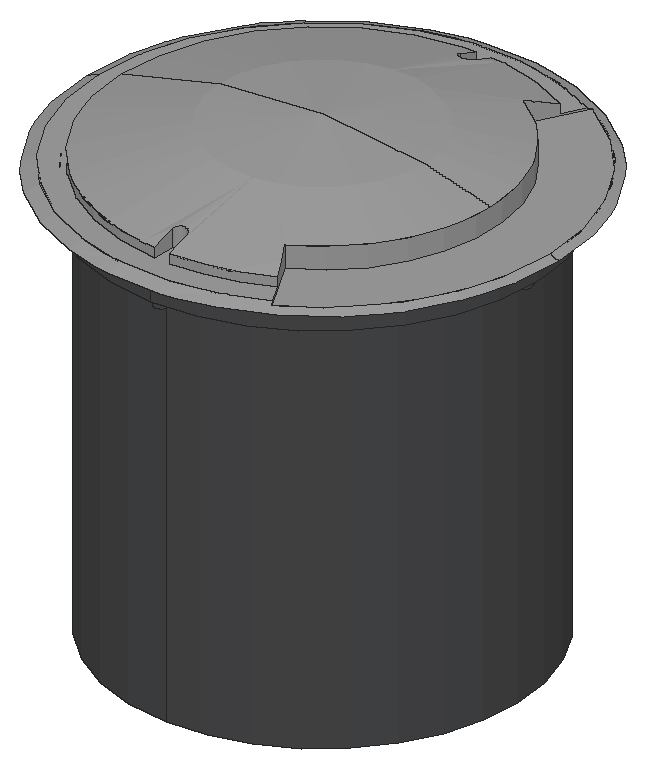
Revit family "ROLL OVER LIGHT 01_CM1W.2", category Luminarias, Revit 2019
Family settings
  Cota de conector redondo = Diámetro de uso
  Tipo de pieza = Normal
  Se basa en plano de trabajo = Sí
  Siempre vertical = No
  Corte con vacíos al cargar = No
  Origen de luz = Sí
  Compartido = No
  Punto de cálculo de habitación = No
Parameters (values of type "ROLL OVER LIGHT 01_CM1W.2")
  Ángulo de inclinación = 30.00°
  Zone [instance] = ""
  Watt per fixture = 3.9
  Wattage = 3.9 W
  built-in parameter 1150107 = 3000 (stored number, unit not read)
  built-in parameter 1150110 = 1 (stored number, unit not read)
  built-in parameter 1150109 = 1 (stored number, unit not read)
  built-in parameter 1150112 = 1 (stored number, unit not read)
  built-in parameter 1150113 = 1 (stored number, unit not read)
  built-in parameter 1114218 = 1 (stored number, unit not read)
  Keynote = ""
  built-in parameter 1150142 = "IESNA:LM-63-1995\r\n[TEST] ROLL OVER LIGHT 01\r\n[DATE] 2016/7/5\r\n[MANUFAC] BRILLANTE ILUMINACION\r\n[LUMCAT] ROLL OVER LIGHT 01 3000°K\r\n[LUMINAIRE] CM1W.2\r\n[LAMPCAT] ROLL OVER LIGHT 01\r\n[LAMP] ROLL OVER LIGHT 01 3000°K\r\nTILT=NONE\r\n0 -1 1.0 19 9 1 2 0.000 0.000 0.000\r\n1 1 0.8\r\n0.0 5.0 10.0 15.0 20.0 25.0 30.0 35.0 40.0 45.0 50.0 55.0 60.0 65.0 70.0 75.0 80.0 85.0 90.0\r\n0.0 45.0 90.0 135.0 180.0 225.0 270.0 315.0 360.0 \r\n0.410 0.410 0.410 0.512 0.512 0.512 0.614 0.717 1.331 2.048 3.380 8.091 7.579 9.934 20.073 25.092 24.784 24.887 24.989\r\n0.410 0.410 0.410 0.512 0.512 0.512 0.512 0.614 0.819 1.331 1.843 3.585 3.892 4.813 13.826 18.230 20.688 20.893 21.200\r\n0.410 0.410 0.410 0.307 0.307 0.307 0.307 0.205 0.205 0.205 0.307 0.410 0.614 0.717 0.717 1.331 1.127 0.614 0.512\r\n0.410 0.307 0.307 0.205 0.205 0.205 0.205 0.102 0.102 0.102 0.102 0.102 0.000 0.000 0.000 0.102 0.102 0.102 0.102\r\n0.410 0.307 0.205 0.205 0.205 0.205 0.102 0.102 0.102 0.102 0.102 0.102 0.000 0.000 0.102 0.102 0.102 0.102 0.102\r\n0.410 0.307 0.205 0.205 0.102 0.102 0.102 0.102 0.102 0.102 0.000 0.000 0.102 0.000 0.102 0.102 0.102 0.102 0.102\r\n0.410 0.307 0.307 0.307 0.205 0.205 0.205 0.205 0.205 0.307 0.307 0.410 0.512 0.512 0.614 0.410 0.410 0.307 0.102\r\n0.410 0.410 0.410 0.410 0.410 0.410 0.512 0.717 1.127 1.434 3.072 4.097 5.121 9.012 15.567 18.537 17.820 17.103 15.465\r\n0.410 0.410 0.410 0.512 0.512 0.512 0.614 0.717 1.331 2.048 3.380 8.091 7.579 9.934 20.073 25.092 24.784 24.887 24.989\r\n"
  built-in parameter 1150137 = (empty or 0)
  built-in parameter 1150132 = (empty or 0)
  Modelo = "CM1W.2"
  Lámpara = "SMD 3030"
  Longitud [instance] = 1000 mm
  built-in parameter 1150105 = 11.936 (stored number, unit not read)
  built-in parameter 1150102 = (empty or 0)
  built-in parameter 1150106 = 0.11936 (stored number, unit not read)
  Lumens = 149.994 lm
  Color Filter = 16777215
  built-in parameter 1114217 = 1 (stored number, unit not read)
  built-in parameter 1150139 = (empty or 0)
  Fabricante = "BRILLANT"
  Default Elevation = 0 mm
  built-in parameter 1150104 = 3.5731 (stored number, unit not read)
  Descripción = "LUMINARIA DE CORTESIA CIRCULAR EMPOTRABLE EN PISO, PRINCIPALMENTE EN ESTACIONAMIENTOS, CON UN PESO DE 2KG, CUERPO DE ALUMINIO FUNDIDO A PRESION CUBIERTO CON POLVO GRIS, USO PARA INTERIORES O EXTERIORES IP67, ALTA RESISTENCIA AL IMPACTO IK10, 6 LEDS DE 0.5W TIPO SMD3030 CON UNA POTENCIA TOTAL DE 3.9W, 150 LUMENES, EFICIENCIA DE 38.46LM/W, TEMPERATURA DE BLANCO CALIDO 3000K, CORRIENTE DE OPERACIÓN EN 57mA, DIMMEABLE OPCIONAL, HOUSING DE PVC 157mm EN DIAMENTRO y 150mm DE PROFUNDIDAD, CABLE DE 0.5M H05RN-F, ALIMENTADA A 100-240V."
  built-in parameter 1150115 = 1 (stored number, unit not read)
  built-in parameter 1150114 = 1 (stored number, unit not read)
  Comentarios de vataje = "100-240V"
  built-in parameter 1150138 = (empty or 0)
  built-in parameter 1150134 = (empty or 0)
  Circuit [instance] = ""
  Dimming Lamp Color Temperature Shift = (empty or 0)
  Archivo de red fotométrica = "ROLL OVER LIGHT 01_CM1W.2.IES"
  built-in parameter 1150133 = 10 (stored number, unit not read)
Reference planes
  plane 1 "Centro (Frontal/Posterior)": y = 0
  plane 2: z = 0
  plane 3 "Centro (Izquierda/Derecha)": x = 0
  plane 4: z = -102.5
  plane 5: z = -102.5
Forms (mm)
  Revolve 1, solid, material "Aluminio"
    sketch origin (0, 0, 0) x (1, 0, 0) y (0, 0, 1)
      loop
        arc (0, 17.873) -> (-37.244, 14.672) -> (-73.396, 5.162) r 218.255
        line (-73.396, 5.162) -> (-73.396, 1.97) -> (-81.784, 1.97)
        arc (-81.784, 1.97) -> (-84.148, 0.999) -> (-86.5, 0) r 218.255
        line (-86.5, 0) -> (-58.75, 0) -> (-58.75, -87.69)
        arc (-58.75, -87.69) -> (-56.806, -89.634) -> (-58.75, -91.578) r 1.944
        line (-58.75, -91.578) -> (-58.75, -102.5) -> (0, -102.5) -> (0, 17.873)
      axis (0, 17.873) -> (0, -102.5)
    angle from 0 to 360
  Extrusion 2, solid, material "Aluminio"
    sketch origin (0, 0, 0) x (-1, 0, 0) y (0, 0, -1)
      loop
        line (62.318, 0) -> (58.75, 87.69) -> (58.75, 0) -> (62.318, 0)
      loop
        line (-62.318, 0) -> (-58.75, 0) -> (-58.75, 87.69) -> (-62.318, 0)
    from -1.968 to 1.93
  Extrusion 3, void
    sketch origin (0, 0, 0) x (1, 0, 0) y (0, 1, 0)
      loop
        line (41.436, 76.01) -> (29.468, 54.061)
        arc (29.468, 54.061) -> (61.495, 0.037) -> (29.463, -53.983) r 61.573
        line (29.463, -53.983) -> (41.436, -75.93)
        arc (41.436, -75.93) -> (86.495, 0.04) -> (41.436, 76.01) r 86.573
    from 1.314 to 15
  Extrusion 4, void
    sketch origin (0, 0, 0) x (1, 0, 0) y (0, 1, 0)
      loop
        arc (-2.757, 65.877) -> (0, 63.12) -> (2.757, 65.877) r 2.757
        line (2.757, 65.877) -> (2.757, 73.647) -> (-2.757, 73.647) -> (-2.757, 65.877)
      loop
        line (-2.757, -65.839) -> (-2.757, -73.609) -> (2.757, -73.609) -> (2.757, -65.839)
        arc (2.757, -65.839) -> (0, -63.082) -> (-2.757, -65.839) r 2.757
    from 1.97 to 15
  Extrusion 5, solid
    sketch origin (0, 0, 0) x (1, 0, 0) y (0, 1, 0)
      loop
        circle (0, -49.028) r 8
    from -106.407 to -102.5
  Extrusion 6, solid
    sketch origin (0, 0, 0) x (1, 0, 0) y (0, 1, 0)
      loop
        line (0, -42.286) -> (-5.838, -45.657) -> (-5.838, -52.399) -> (0, -55.769) -> (5.838, -52.399) -> (5.838, -45.657) -> (0, -42.286)
    from -110.637 to -106.407
  Extrusion 7, solid
    sketch origin (0, 0, 0) x (1, 0, 0) y (0, 1, 0)
      loop
        circle (0, -49.028) r 4.039
    from -123.239 to -110.637
  Revolve 8, solid, material "Plastico"
    sketch origin (0, 0, 32.574) x (0, 0, 1) y (0, -1, 0)
      loop
        line (-32.574, 75.5) -> (-32.574, 78.5) -> (-41.733, 78.5) -> (-41.733, 71.518) -> (-182.574, 71.518) -> (-182.574, 0) -> (-179.574, 0) -> (-179.574, 68.518) -> (-38.733, 68.518) -> (-38.733, 75.5) -> (-32.574, 75.5)
      axis (-182.574, 0) -> (-32.574, 0)
    angle from 0 to 360
  Extrusion 9, solid, material "Aluminio"
    sketch origin (-0.011, 0, 0) x (-0.866025, 0.5, 0) y (0, 0, -1)
      loop
        line (62.318, 0) -> (58.75, 87.69) -> (58.75, 0) -> (62.318, 0)
      loop
        line (-62.318, 0) -> (-58.75, 0) -> (-58.75, 87.69) -> (-62.318, 0)
    from -1.968 to 1.93
  Extrusion 10, solid, material "Aluminio"
    sketch origin (-0.025, 0.005, 0) x (-0.5, 0.866025, 0) y (0, 0, -1)
      loop
        line (62.318, 0) -> (58.75, 87.69) -> (58.75, 0) -> (62.318, 0)
      loop
        line (-62.318, 0) -> (-58.75, 0) -> (-58.75, 87.69) -> (-62.318, 0)
    from -1.968 to 1.93
  Extrusion 11, solid, material "Aluminio"
    sketch origin (-0.038, 0.019, 0) x (0, 1, 0) y (0, 0, -1)
      loop
        line (62.318, 0) -> (58.75, 87.69) -> (58.75, 0) -> (62.318, 0)
      loop
        line (-62.318, 0) -> (-58.75, 0) -> (-58.75, 87.69) -> (-62.318, 0)
    from -1.968 to 1.93
  Extrusion 12, solid, material "Aluminio"
    sketch origin (-0.041, 0.043, 0) x (0.5, 0.866025, 0) y (0, 0, -1)
      loop
        line (62.318, 0) -> (58.75, 87.69) -> (58.75, 0) -> (62.318, 0)
      loop
        line (-62.318, 0) -> (-58.75, 0) -> (-58.75, 87.69) -> (-62.318, 0)
    from -1.968 to 1.93
  Extrusion 13, solid, material "Aluminio"
    sketch origin (-0.027, 0.066, 0) x (0.866025, 0.5, 0) y (0, 0, -1)
      loop
        line (62.318, 0) -> (58.75, 87.69) -> (58.75, 0) -> (62.318, 0)
      loop
        line (-62.318, 0) -> (-58.75, 0) -> (-58.75, 87.69) -> (-62.318, 0)
    from -1.968 to 1.93
  Extrusion 14, solid, material "Plastico"
    sketch origin (0, 0, 0) x (1, 0, 0) y (0, 1, 0)
      loop
        circle (0, -73.965) r 2.479
      loop
        circle (0, 73.965) r 2.479
      loop
        circle (-73.965, 0) r 2.479
      loop
        circle (73.965, 0) r 2.479
    from -12.065 to -9.16
Cuts and joins
  Extrusion 3, Extrusion 4 cuts Revolve 1
  Extrusion 3 cuts Extrusion 2
Dimensions and locks
  plane 2 to plane 5 = 102.5 mm
  level to Revolve 8 = 150 mm
  aligned and locked: level to plane 2
  aligned and locked: plane 4 to Revolve 1 sketch curve
  aligned and locked: plane 5 to Extrusion 5
  aligned and locked: Extrusion 14 to Revolve 8
Connectors
  electrical at (0, 0, -150)
    settings: on Revolve 8, index 1, voltage 240 V, apparent load 0 VA, apparent load phase1 0 VA, apparent load phase2 0 VA, apparent load phase3 0 VA, power factor 1, load classification "Otro", number of poles 1, system type 31, power factor state 1, is connector primary yes, connector utility no, sub classification motor no, connector description ""
